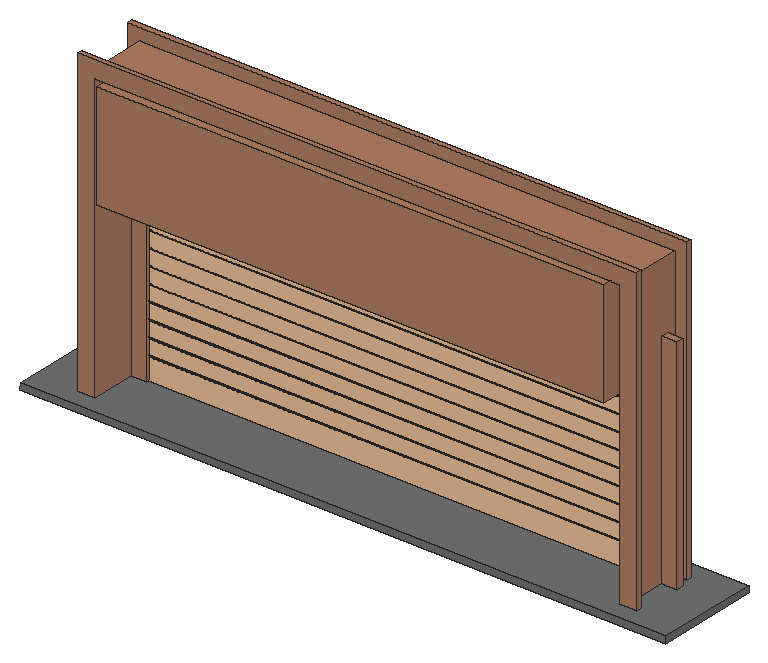
Revit family "665_Counter_Btw_Jambs_Mtd_Overhead_Door", category Doors, host Wall, Revit 2024
Family settings
  Host = Wall
  OmniClass Number = 23.30.10.17.27.11
  OmniClass Title = Overhead Coiling
  Always vertical = Yes
  Cut with Voids When Loaded = No
  Shared = No
  Room Calculation Point = No
Parameters (values of type "*See Type Catalog*")
  Right End Cap Thickness = 0' - 1"
  Product Page URL = ""
  Parameter 005 [instance] = ""
  Panel Height = 2' - 10 13/32"
  Operator Material = Wood - Red Oak
  Operation = "[Awning Crank Operator][Manual - Push Up]"
  Maximum Width = "12'  0"  # constant formula
  Maximum Height = "8'  0"  # constant formula
  Manual Operation = yes
  Left End Cap Thickness = 0' - 1"
  Hood Material = Wood - White Oak
  Has End Caps = yes
  Function = Interior
  Lock Type = "[Thumb Turn Locks] [Cylinder Locks]"
  Panel Width = Width - 0' 6 3/8"  # 6' - 4 5/8"
  Panel Material = Wood - White Oak
  Elevation From Level = 3' - 2 1/2"
  Electrical Operator = no
  Door Track Material = Wood - Red Oak
  Door Gap From Wall Interior = 0' - 7.05"
  URL = "http://www.overheaddoor.com/"
  Thickness = 0' - 0 1/2"
  Specification = "https://www.arcat.com/company/overhead-door-corporation-34626/spec"
  SpecWizard = "https://www.arcat.com/company/overhead-door-corporation-34626/sw"
  Rough Width = 0' - 0"
  Rough Height = 0' - 0"
  Product Data = "http://www.arcat.com/arcatcos/cos34/arc34626.html"
  Green Building-LEED = "https://www.arcat.com/company/overhead-door-corporation-34626/leed"
  Model = "665"
  Manufacturer = "Overhead Door Corporation"
  Keynote = "08 33 13"
  Height = Elevation From Level + Panel Height + 0' 10 23/32"  # 6' - 11 5/8"
  Wall Closure = By host
  Width = 6' - 11"
  Fire Rating = "As Specified in 08 36 00"
  Description = "Overhead Door Model 665 Overhead Coiling Wood Counter Door"
  Define Thermal Properties by = Schematic Type
  Copyright = "© 2024 ARCAT"  # constant formula
  Construction Details = "https://www.arcat.com/company/overhead-door-corporation-34626/cad"
  CAD Details = ""
  Bottom Bar = "Wood"
  Assembly Code = "B2030410"
  Analytic Construction = "<None>"
Reference planes (in)
  plane 1 "Center (Front/Back)": y = -18.9931
  plane 2 "Center (Left/Right)": x = 66
  plane 3: z = 0
  plane 4 "Door Face": y = -16.4431
  plane 5 "Right": x = 107.5
  plane 6 "Left": x = 24.5
  plane 7 "Closure": y = -23.4931
  plane 8: z = 0
  plane 9: y = -16.4431
  plane 10: y = -16.4431
  plane 11 "T.O. Opening": z = 83.625
  plane 12 "Countertop": z = 38.5
Forms (in)
  Extrusion 1, solid, material "Countertop"
    sketch origin (0, 0, 38.5) x (1, 0, 0) y (0, 1, 0)
      loop
        line (15.875, -26.9931) -> (116.125, -26.9931) -> (116.125, -10.9931) -> (15.875, -10.9931) -> (15.875, -26.9931)
    from -1 to 0
  Sweep 2, solid, material "Wood - Red Oak" <- "Operator Material"
    path in 3D
      loop
        line (24.5, -23.4931, 38.5) -> (24.5, -23.4931, 83.625) -> (107.5, -23.4931, 83.625) -> (107.5, -23.4931, 38.5)
    profile origin (66, -23.4931, 83.625) x (0, -1, 0) y (0, 0, -1)
      loop
        line (0, 0) -> (0, -1.90625) -> (0.71875, -1.90625) -> (0.71875, 0.71875) -> (-9.71875, 0.71875) -> (-9.71875, -1.90625) -> (-9, -1.90625) -> (-9, 0) -> (0, 0)
Lines and regions (in)
  Opening 1
    outline origin (-109.33485, -23.4931, 0) x (1, 0, 0) y (0, 0, 1)
      loop
        line (125.20985, 37.5) -> (225.45985, 37.5) -> (225.45985, 38.5) -> (216.83485, 38.5) -> (216.83485, 83.625) -> (133.83485, 83.625) -> (133.83485, 38.5) -> (125.20985, 38.5) -> (125.20985, 37.5)
  sketch lines
    curve 1: line (24.5, -23.4931, 83.625) -> (107.5, -23.4931, 83.625)
    curve 2: line (24.5, -23.4931, 38.5) -> (24.5, -23.4931, 83.625)
    curve 3: line (107.5, -23.4931, 83.625) -> (107.5, -23.4931, 38.5)
  symbolic lines, style "Hidden Projection"
    curve 4: line (26.6875, -15.5681, 0) -> (26.6875, -25.5681, 0)
    curve 5: line (26.6875, -25.5681, 0) -> (105.3125, -25.5681, 0)
    curve 6: line (105.3125, -25.5681, 0) -> (105.3125, -15.5681, 0)
Text (in)
  text "Exterior" at (50.54558, 27.31104, 0), in view "A101 - Plan View"
  text "Interior" at (50.54558, -25.14366, 0), in view "A101 - Plan View"
  text "Exterior" at (0, -9.40855, 123.01588), in view "Right"
  text "Interior" at (0, -64.39139, 123.01588), in view "Right"
  text "Interior" at (0, -52.09468, 121.14095), in view "Left"
  text "Exterior" at (0, 26.35325, 123.00693), in view "Left"
Dimensions and locks (in)
  "Door Gap From Wall Interior": host wall to plane 4 "Door Face"
  equal spacing: plane 5 "Right", plane 2 "Center (Left/Right)", plane 6 "Left"
  "Width": plane 6 "Left" to plane 5 "Right"
  "Height": level to plane 11 "T.O. Opening"
  "Elevation From Level": plane 12 "Countertop" to level
  locked: plane 12 "Countertop" to Opening 1 sketch curve at 1
  locked: Opening 1 sketch curve to plane 6 "Left" at 8.625
  locked: plane 5 "Right" to Opening 1 sketch curve at 8.625
  locked: Extrusion 1 to plane 7 "Closure" at 3.5
  locked: host wall to Extrusion 1 at 3.5
  locked: plane 11 "T.O. Opening" to nested 2 at 0.71875
  locked: plane 4 "Door Face" to nested 2 at 0.875
  locked: host wall to Sweep 2 sketch curve at 0.71875
  locked: Sweep 2 sketch curve to host wall at 0.71875
  locked: plane 11 "T.O. Opening" to Sweep 2 sketch curve at 0.71875
  aligned and locked: Opening 1 sketch curve to plane 5 "Right"
  aligned and locked: plane 1 "Center (Front/Back)" to host wall
  aligned and locked: plane 7 "Closure" to host wall
  aligned and locked: plane 4 "Door Face" to plane 9
  aligned and locked: plane 4 "Door Face" to plane 10
  aligned and locked: plane 11 "T.O. Opening" to Opening 1 sketch curve
  aligned and locked: plane 2 "Center (Left/Right)" to nested 1
  aligned and locked: Extrusion 1 to host wall  (x2)
  aligned and locked: host wall to Extrusion 1
  aligned and locked: nested 1 to plane 4 "Door Face"
  aligned and locked: Sweep 2 sketch curve to plane 11 "T.O. Opening"
  aligned and locked: host wall to Sweep 2 sketch curve  (x2)
Automatic sketch dimensions
  Opening 1 sketch curve to plane 6 "Left" = 0' - 0"
  Opening 1 sketch curve to plane 12 "Countertop" = 0' - 0"  (x2)
  plane 6 "Left" to Extrusion 1 sketch curve = 0' - 8 5/8"
  Extrusion 1 sketch curve to plane 5 "Right" = 0' - 8 5/8"
  plane 4 "Door Face" to Extrusion 1 sketch curve = 0' - 10.55"
  host wall to Extrusion 1 sketch curve = 0' - 3 1/2"
  Sweep 2 sketch curve to Sweep 2 sketch curve = 0' - 0"
  Sweep 2 sketch curve to profile plane = 0' - 1 29/32"
  curve 4 to plane 4 "Door Face" = 0' - 0 7/8"
  curve 6 to plane 4 "Door Face" = 0' - 0 7/8"
  curve 4 to plane 6 "Left" = 0' - 2 3/16"
  plane 5 "Right" to curve 6 = 0' - 2 3/16"
  host wall to curve 6 = 0' - 2.075"
Nested families (in)
  nested 1: "Panel-Rolling_Countertop_651" at (66, -16.4431, 38.5), type "ByType"
    with Width 6' - 4 5/8", Height 2' - 10 13/32"
  nested 2: "Rollup Case_Counter_6xx" at (21.46875, -15.5681, 66.53125), built-in parameter 1001360 <- "Panel Height", type "ByType"
    with Height 2' - 10 13/32", Chain CL 0' - 8 3/16", B 1' - 4 3/8", A 0' - 10"
Definition of nested family "Panel-Rolling_Countertop_651"
  Parameters
    Width = 9' - 0"
    Track Material = none
    Panel Material = none
    Height = 4' - 5 1/16"
    Default Elevation = 0' - 0"
    Assembly Code = ""
  Reference planes (in)
    plane 1 "Center (Front/Back)": y = 0
    plane 2: z = 0
    plane 3 "Center (Left/Right)": x = 0
  Forms (in)
    Extrusion 1, solid, material <- "Panel Material"
      sketch origin (0, 0, 0) x (0, 1, 0) y (0, 0, 1)
        loop
          line (0, 0) -> (0, 3.25927) -> (-0.24264, 3.50191) -> (0, 3.74454) -> (0, 5.75927) -> (-0.24264, 6.00191) -> (0, 6.24454) -> (0, 8.25927) -> (-0.24264, 8.50191) -> (0, 8.74454) -> (0, 10.75927) -> (-0.24264, 11.00191) -> (0, 11.24454) -> (0, 13.25927) -> (-0.24264, 13.50191) -> (0, 13.74454) -> (0, 15.75927) -> (-0.24264, 16.00191) -> (0, 16.24454) -> (0, 18.25927) -> (-0.24264, 18.50191) -> (0, 18.74454) -> (0, 20.75927) -> (-0.24264, 21.00191) -> (0, 21.24454) -> (0, 23.25927) -> (-0.24264, 23.50191) -> (0, 23.74454) -> (0, 25.75927) -> (-0.24264, 26.00191) -> (0, 26.24454) -> (0, 28.25928) -> (-0.24264, 28.50191) -> (0, 28.74455) -> (0, 30.75928) -> (-0.24264, 31.00191) -> (0, 31.24455) -> (0, 33.25928) -> (-0.24264, 33.50191) -> (0, 33.74455) -> (0, 35.75928) -> (-0.24264, 36.00191) -> (0, 36.24455) -> (0, 38.25928) -> (-0.24264, 38.50191) -> (0, 38.74455) -> (0, 40.75928) -> (-0.24264, 41.00191) -> (0, 41.24455) -> (0, 43.25928) -> (-0.24264, 43.50191) -> (0, 43.74455) -> (0, 45.75928) -> (-0.24264, 46.00191) -> (0, 46.24455) -> (0, 48.25928) -> (-0.24264, 48.50191) -> (0, 48.74455) -> (0, 50.75928) -> (-0.24264, 51.00191) -> (0, 51.24455) -> (0, 53.25928) -> (-0.24264, 53.50191) -> (0, 53.74455) -> (0, 55.75928) -> (-0.24264, 56.00191) -> (0, 56.24455) -> (0, 58.25928) -> (-0.24264, 58.50191) -> (0, 58.74455) -> (0, 60.75928) -> (-0.24264, 61.00191) -> (0, 61.24455) -> (0, 63.25928) -> (-0.24264, 63.50191) -> (0, 63.74455) -> (0, 65.75928) -> (-0.24264, 66.00191) -> (0, 66.24455) -> (0, 68.25928) -> (-0.24264, 68.50191) -> (0, 68.74455) -> (0, 70.75928) -> (-0.24264, 71.00191) -> (0, 71.24455) -> (0, 73.25928) -> (-0.24264, 73.50191) -> (0, 73.74455) -> (0, 75.75928) -> (-0.24264, 76.00191) -> (0, 76.24455) -> (0, 78.25928) -> (-0.24264, 78.50191) -> (0, 78.74455) -> (0, 80.75928) -> (-0.24264, 81.00191) -> (0, 81.24455) -> (0, 83.25928) -> (-0.24264, 83.50191) -> (0, 83.74455) -> (0, 85.75928) -> (-0.24264, 86.00191) -> (0, 86.24455) -> (0, 88.25928) -> (-0.24264, 88.50191) -> (0, 88.74455) -> (0, 90.75928) -> (-0.24264, 91.00191) -> (0, 91.24455) -> (0, 93.25928) -> (-0.24264, 93.50191) -> (0, 93.74455) -> (0, 95.75928) -> (-0.24264, 96.00191) -> (0, 96.24455) -> (0, 98.25928) -> (-0.24264, 98.50192) -> (0, 98.74455) -> (0, 100.75928) -> (-0.24264, 101.00192) -> (0, 101.24455) -> (0, 103.25928) -> (-0.24264, 103.50192) -> (0, 103.74455) -> (0, 105.75928) -> (-0.24264, 106.00192) -> (0, 106.24455) -> (0, 108.25928) -> (-0.24264, 108.50192) -> (0, 108.74455) -> (0, 110.75928) -> (-0.24264, 111.00192) -> (0, 111.24455) -> (0, 113.25928) -> (-0.24264, 113.50192) -> (0, 113.74455) -> (0, 115.75928) -> (-0.24264, 116.00192) -> (0, 116.24455) -> (0, 118.25928) -> (-0.24264, 118.50192) -> (0, 118.74455) -> (0, 120.75928) -> (-0.24264, 121.00192) -> (0, 121.24455) -> (0, 123.25928) -> (-0.24264, 123.50192) -> (0, 123.74455) -> (0, 125.75928) -> (-0.24264, 126.00192) -> (0, 126.24455) -> (0, 377.30354) -> (-0.43287, 377.30354) -> (-0.43287, 126.08525) -> (-0.34953, 126.00191) -> (-0.43287, 125.91857) -> (-0.43287, 123.58525) -> (-0.34953, 123.50191) -> (-0.43287, 123.41857) -> (-0.43287, 121.08525) -> (-0.34953, 121.00191) -> (-0.43287, 120.91857) -> (-0.43287, 118.58525) -> (-0.34953, 118.50191) -> (-0.43287, 118.41857) -> (-0.43287, 116.08525) -> (-0.34953, 116.00191) -> (-0.43287, 115.91857) -> (-0.43287, 113.58525) -> (-0.34953, 113.50191) -> (-0.43287, 113.41857) -> (-0.43287, 111.08525) -> (-0.34953, 111.00191) -> (-0.43287, 110.91857) -> (-0.43287, 108.58525) -> (-0.34953, 108.50191) -> (-0.43287, 108.41857) -> (-0.43287, 106.08525) -> (-0.34953, 106.00191) -> (-0.43287, 105.91857) -> (-0.43287, 103.58525) -> (-0.34953, 103.50191) -> (-0.43287, 103.41857) -> (-0.43287, 101.08525) -> (-0.34953, 101.00191) -> (-0.43287, 100.91857) -> (-0.43287, 98.58525) -> (-0.34953, 98.50191) -> (-0.43287, 98.41857) -> (-0.43287, 96.08525) -> (-0.34953, 96.00191) -> (-0.43287, 95.91857) -> (-0.43287, 93.58525) -> (-0.34953, 93.50191) -> (-0.43287, 93.41857) -> (-0.43287, 91.08525) -> (-0.34953, 91.00191) -> (-0.43287, 90.91857) -> (-0.43287, 88.58525) -> (-0.34953, 88.50191) -> (-0.43287, 88.41857) -> (-0.43287, 86.08525) -> (-0.34953, 86.00191) -> (-0.43287, 85.91857) -> (-0.43287, 83.58525) -> (-0.34953, 83.50191) -> (-0.43287, 83.41857) -> (-0.43287, 81.08525) -> (-0.34953, 81.00191) -> (-0.43287, 80.91857) -> (-0.43287, 78.58525) -> (-0.34953, 78.50191) -> (-0.43287, 78.41857) -> (-0.43287, 76.08525) -> (-0.34953, 76.00191) -> (-0.43287, 75.91857) -> (-0.43287, 73.58525) -> (-0.34953, 73.50191) -> (-0.43287, 73.41857) -> (-0.43287, 71.08525) -> (-0.34953, 71.00191) -> (-0.43287, 70.91857) -> (-0.43287, 68.58525) -> (-0.34953, 68.50191) -> (-0.43287, 68.41857) -> (-0.43287, 66.08525) -> (-0.34953, 66.00191) -> (-0.43287, 65.91857) -> (-0.43287, 63.58525) -> (-0.34953, 63.50191) -> (-0.43287, 63.41857) -> (-0.43287, 61.08525) -> (-0.34953, 61.00191) -> (-0.43287, 60.91857) -> (-0.43287, 58.58525) -> (-0.34953, 58.50191) -> (-0.43287, 58.41857) -> (-0.43287, 56.08525) -> (-0.34953, 56.00191) -> (-0.43287, 55.91857) -> (-0.43287, 53.58525) -> (-0.34953, 53.50191) -> (-0.43287, 53.41857) -> (-0.43287, 51.08525) -> (-0.34953, 51.00191) -> (-0.43287, 50.91857) -> (-0.43287, 48.58525) -> (-0.34953, 48.50191) -> (-0.43287, 48.41857) -> (-0.43287, 46.08525) -> (-0.34953, 46.00191) -> (-0.43287, 45.91857) -> (-0.43287, 43.58525) -> (-0.34953, 43.50191) -> (-0.43287, 43.41857) -> (-0.43287, 41.08525) -> (-0.34953, 41.00191) -> (-0.43287, 40.91857) -> (-0.43287, 38.58525) -> (-0.34953, 38.50191) -> (-0.43287, 38.41857) -> (-0.43287, 36.08525) -> (-0.34953, 36.00191) -> (-0.43287, 35.91857) -> (-0.43287, 33.58525) -> (-0.34953, 33.50191) -> (-0.43287, 33.41857) -> (-0.43287, 31.08525) -> (-0.34953, 31.00191) -> (-0.43287, 30.91857) -> (-0.43287, 28.58525) -> (-0.34953, 28.50191) -> (-0.43287, 28.41857) -> (-0.43287, 26.08525) -> (-0.34953, 26.00191) -> (-0.43287, 25.91857) -> (-0.43287, 23.58525) -> (-0.34953, 23.50191) -> (-0.43287, 23.41857) -> (-0.43287, 21.08525) -> (-0.34953, 21.00191) -> (-0.43287, 20.91857) -> (-0.43287, 18.58525) -> (-0.34953, 18.50191) -> (-0.43287, 18.41857) -> (-0.43287, 16.08525) -> (-0.34953, 16.00191) -> (-0.43287, 15.91857) -> (-0.43287, 13.58525) -> (-0.34953, 13.50191) -> (-0.43287, 13.41857) -> (-0.43287, 11.08525) -> (-0.34953, 11.00191) -> (-0.43287, 10.91857) -> (-0.43287, 8.58525) -> (-0.34953, 8.50191) -> (-0.43287, 8.41857) -> (-0.43287, 6.08525) -> (-0.34953, 6.00191) -> (-0.43287, 5.91857) -> (-0.43287, 3.58525) -> (-0.34953, 3.50191) -> (-0.43287, 3.41857) -> (-0.43287, 0) -> (0, 0)
      from -54 to 54
    Extrusion 2, void
      sketch origin (0, 0, 0) x (0, 1, 0) y (0, 0, 1)
        loop
          line (1.29995, 53.0625) -> (1.29995, 396) -> (-1.53826, 396) -> (-1.53826, 53.0625) -> (1.29995, 53.0625)
      from -54 to 54
    Extrusion 3, solid, material <- "Track Material"
      sketch origin (0, 0, 0) x (1, 0, 0) y (0, 1, 0)
        loop
          line (-54, 0.49213) -> (-59.625, 0.49213) -> (-59.625, -0.6875) -> (-54, -0.6875) -> (-54, 0.49213)
        loop
          line (54, 0.49213) -> (54, -0.6875) -> (59.625, -0.6875) -> (59.625, 0.49213) -> (54, 0.49213)
      from 0 to 53.0625 <- "Height"
  Cuts and joins
    Extrusion 2 cuts Extrusion 1
  Lines and regions (in)
    reference lines
      curve 1: line (0, 34.50735, 53.0625) -> (0, -50.49265, 53.0625)
      curve 2: line (0, 38.48524, 396) -> (0, -46.51476, 396)
      curve 3: line (-54, 0, 85.14784) -> (-54, 0, 147.14784)
      curve 4: line (54, 0, 85.14784) -> (54, 0, 147.14784)
  Dimensions and locks (in)
    "Height": curve 1 to level
    equal spacing: curve 4, plane 3 "Center (Left/Right)", curve 3
    "Width": curve 4 to curve 3
    level to curve 2 = 33' - 0"
    locked: Extrusion 3 sketch curve to Extrusion 3 sketch curve at 5.625  (x2)
    Extrusion 3 sketch curve to plane 1 "Center (Front/Back)" to Extrusion 3 sketch curve = 0' - 0 11/16" locked, 0' - 0.49213" locked
    aligned and locked: curve 1 to Extrusion 2 sketch curve
    aligned and locked: curve 2 to Extrusion 2 sketch curve
    aligned and locked: Extrusion 2 to curve 3
    aligned and locked: Extrusion 2 to curve 4
    aligned and locked: curve 3 to cut or joined group of Extrusion 1, Extrusion 2
    aligned and locked: cut or joined group of Extrusion 1, Extrusion 2 to curve 4
    aligned and locked: Extrusion 3 sketch curve to Extrusion 3 sketch curve  (x2)
    aligned and locked: Extrusion 3 to curve 3
    aligned and locked: curve 4 to Extrusion 3
  Automatic sketch dimensions
    plane 1 "Center (Front/Back)" to Extrusion 2 sketch curve = 0' - 1.53826"
    Extrusion 2 sketch curve to plane 1 "Center (Front/Back)" = 0' - 1.29995"
    level to curve 4 = 7' - 1.14784"
    level to curve 3 = 7' - 1.14784"
    curve 4 to curve 4 = 5' - 2"
    curve 3 to curve 3 = 5' - 2"
    Extrusion 3 sketch curve to plane 3 "Center (Left/Right)" = 4' - 11 5/8"
    plane 3 "Center (Left/Right)" to Extrusion 3 sketch curve = 4' - 6"
    plane 1 "Center (Front/Back)" to curve 1 = 4' - 2.49265"
    curve 1 to curve 2 = 0' - 3.97789"  (x2)
    curve 1 to plane 1 "Center (Front/Back)" = 2' - 10.50735"
    Extrusion 1 sketch curve to level = 0' - 0"
    Extrusion 1 sketch curve to plane 1 "Center (Front/Back)" = 0' - 0"  (x51)
    plane 1 "Center (Front/Back)" to Extrusion 1 sketch curve = 0' - 0.24264"  (x41)
    plane 1 "Center (Front/Back)" to Extrusion 1 sketch curve = 0' - 0.24263"  (x9)
    Extrusion 1 sketch curve to Extrusion 1 sketch curve = 0' - 0.10689"  (x50)
    Extrusion 1 sketch curve to Extrusion 1 sketch curve = 0' - 0.08334"  (x101)
    Extrusion 1 sketch curve to Extrusion 1 sketch curve = 0' - 3.25927"
    Extrusion 1 sketch curve to Extrusion 1 sketch curve = 0' - 0.15929"  (x50)
    Extrusion 1 sketch curve to Extrusion 1 sketch curve = 0' - 0"  (x48)
    Extrusion 1 sketch curve to Extrusion 1 sketch curve = 0' - 2.01473"  (x38)
    Extrusion 1 sketch curve to Extrusion 1 sketch curve = 0' - 2.17402"  (x11)
    Extrusion 1 sketch curve to Extrusion 1 sketch curve = 0' - 0.08333"  (x2)
    Extrusion 1 sketch curve to Extrusion 1 sketch curve = 20' - 11.05899"
Definition of nested family "Rollup Case_Counter_6xx"
  Parameters (values of type "ByType")
    Width = 6' - 4 5/8"
    Right End Cap Thickness = 0' - 1"
    Height = 10' - 0"
    Has End Caps = yes
    End Cap Material = none
    Left End Cap Thickness = 0' - 1"
    Electric Controlled = no
    Default Elevation = 0' - 0"
    Chain CL = B / 2  # 0' - 9 11/16"
    Case Material = none
    B = if(and(not(Width > 12' 0"), not(Height > 4' 6")), 1' 4 3/8", if(and(not(Width > 12' 0"), not(Height > 6' 4")), 1' 5 3/8", if(and(not(Width > 12' 0"), not(Height > 8' 4")), 1' 7 3/8", 1' 7 3/8")))  # 1' - 7 3/8"
    Assembly Code = ""
    A = if(and(not(Width > 12' 0"), not(Height > 4' 6")), 0' 10", if(and(not(Width > 12' 0"), not(Height > 6' 4")), 0' 11", if(and(not(Width > 12' 0"), not(Height > 8' 4")), 1' 1", 1' 1")))  # 1' - 1"
  Reference planes (in)
    plane 1 "Front": y = 0
    plane 2: z = 0
    plane 3 "Center (Left/Right)": x = 44.53125
    plane 4 "Top": z = 19.375
    plane 5: y = -13
    plane 6: x = 83.34375
    plane 7: x = 6.21875
    plane 8: x = 82.84375
    plane 9: x = 83.84375
    plane 10: y = -3.3125
    plane 11: z = -120
  Forms (in)
    Extrusion 1, solid, material <- "Case Material"
      sketch origin (44.53125, 0, 0) x (0, 1, 0) y (0, 0, 1)
        loop
          line (-13, 19.375) -> (-13, 0) -> (0, 0) -> (0, 19.375) -> (-13, 19.375)
      from -38.3125 to 38.3125
    Extrusion 2, solid, material <- "Case Material"
      sketch origin (0, 0, 0) x (1, 0, 0) y (0, 1, 0)
        loop
          line (82.84375, 0) -> (82.84375, -13) -> (83.84375, -13) -> (83.84375, 0) -> (82.84375, 0)
        loop
          line (6.21875, 0) -> (5.21875, 0) -> (5.21875, -13) -> (6.21875, -13) -> (6.21875, 0)
      from 0 to 19.375 <- "B"
  Cuts and joins
    joined: Extrusion 1, Extrusion 2
  Dimensions and locks (in)
    "B": plane 4 "Top" to level
    "A": plane 5 to plane 1 "Front"
    "Left End Cap Thickness": Extrusion 2 to Extrusion 1
    equal spacing: plane 7, plane 3 "Center (Left/Right)", plane 8
    "Width": plane 7 to plane 8
    equal spacing: plane 8, plane 6, plane 9
    "Right End Cap Thickness": plane 8 to plane 9
    "Chain CL": plane 5 to plane 10
    "Height": level to plane 11
    aligned and locked: Extrusion 2 to Extrusion 1  (x2)
    aligned and locked: Extrusion 1 to plane 7
    aligned and locked: Extrusion 1 to plane 8
    aligned and locked: Extrusion 2 to plane 9
    aligned and locked: Extrusion 2 to plane 4 "Top"
  Automatic sketch dimensions
    Extrusion 2 sketch curve to plane 1 "Front" = 0' - 0"  (x2)
    Extrusion 2 sketch curve to plane 5 = 0' - 0"  (x2)
    Extrusion 2 sketch curve to plane 3 "Center (Left/Right)" = 3' - 3 5/16"
    Extrusion 2 sketch curve to Extrusion 2 sketch curve = 0' - 1"  (x2)
    plane 3 "Center (Left/Right)" to Extrusion 2 sketch curve = 3' - 2 5/16"
    Extrusion 1 sketch curve to level = 0' - 0"
    Extrusion 1 sketch curve to plane 1 "Front" = 0' - 0"
    Extrusion 1 sketch curve to plane 4 "Top" = 0' - 0"
    Extrusion 1 sketch curve to plane 5 = 0' - 0"
